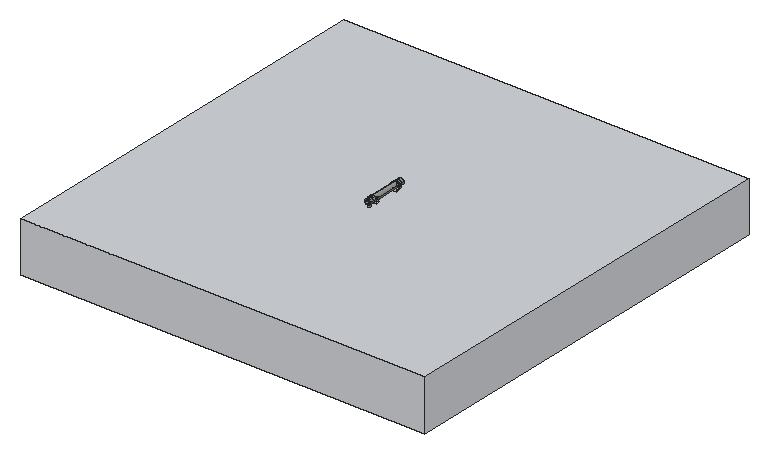
Revit family "L-line A_body", category Обобщенные модели, Revit 2017
Family settings
  Основа = Грань
  Может служить основой для арматурных стержней = Нет
  Размер круглого соединителя = Использовать диаметр
  Тип детали = Нормальный
  При загрузке вырезать с полостями = Нет
  Общий = Нет
  Точка расчета площади = Нет
Parameters
  Расстояние от светильника до плоскости = 55.991 mm
  Default Elevation = 1219.2 mm
  Начало выдавливания = Длина профиля / 2 * (-1)  # -125 mm
  Конец выдавливания = Длина профиля / 2  # 125 mm
  Драйвер, начальная точка = Длина профиля / (-2) + 2.5 mm  # -122.5 mm
  Драйвер, конечная точка = Длина профиля / 2 - 2.5 mm  # 122.5 mm
  Длина профиля = 250 mm
Reference planes
  plane 1 "По центру (Вперед/Назад)": y = 0
  plane 2: z = 0
  plane 3 "По центру (Влево/Вправо)": x = 0
  plane 4 "Плоскость расположения светильника": z = 55.991
Forms (mm)
  Extrusion 1, solid
    sketch origin (0, 0, 0) x (1, 0, 0) y (0, 1, 0)
      loop
        line (-1219.2, 1219.2) -> (-1219.2, -1219.2) -> (1219.2, -1219.2) -> (1219.2, 1219.2) -> (-1219.2, 1219.2)
    from 0 to -304.8
  Extrusion 2, solid, material "Пластик ПК/АБС"
    sketch origin (-0.012, 0, 76.46) x (0, 0, 1) y (1, 0, 0)
      loop
        line (-36.714, 0) -> (-36.714, 14.224) -> (-38.272, 14.224) -> (-38.272, -14.176) -> (-36.714, -14.176) -> (-36.714, 0)
    from -122.5 <- "Драйвер, начальная точка" to 122.5 <- "Драйвер, конечная точка"
  Extrusion 3, solid, material "Поликарбонат, прозрачный"
    sketch origin (-0.012, 0.083, 76.46) x (-1, 0, 0) y (0, 0, -1)
      loop
        circle (0, 37.47) r 16
      loop
        circle (0, 37.47) r 15
    from -125 <- "Начало выдавливания" to 125 <- "Конец выдавливания"
  Extrusion 4, solid, material "Поликарбонат, прозрачный"
    sketch origin (-0.012, -124.917, 76.46) x (-1, 0, 0) y (0, 0, -1)
      loop
        circle (-0.024, 37.493) r 17.4
      loop
        circle (0, 37.482) r 16
    from -36 to -20.4
  Extrusion 5, solid, material "Поликарбонат, прозрачный"
    sketch origin (-0.012, 125.083, 76.46) x (1, 0, 0) y (0, 0, -1)
      loop
        circle (0.024, 37.493) r 17.4
      loop
        circle (0, 37.482) r 16
    from -36 to -20.4
  Extrusion 6, solid, material "Поликарбонат, прозрачный"
    sketch origin (-14.187, 0, 38.187) x (0, -1, 0) y (-1, 0, 0)
      loop
        circle (-115.7, -14.176) r 6.8
      loop
        circle (115.7, -14.176) r 6.8
    from 30 to 13
  Extrusion 7, solid
    sketch origin (-0.012, 125.083, 76.46) x (1, 0, 0) y (0, 0, -1)
      loop
        line (-17.974, 63.312) -> (-17.974, 60.166)
        arc (-17.974, 60.166) -> (-18.273, 59.445) -> (-18.993, 59.146) r 1.019
        line (-18.993, 59.146) -> (-19.884, 59.146)
        arc (-19.884, 59.146) -> (-20.613, 58.844) -> (-20.916, 58.115) r 1.032
        line (-20.916, 58.115) -> (-20.916, 55.182)
        arc (-20.916, 55.182) -> (-20.612, 54.45) -> (-19.88, 54.146) r 1.036
        line (-19.88, 54.146) -> (-18.974, 54.146)
        arc (-18.974, 54.146) -> (-18.267, 53.853) -> (-17.974, 53.146) r 1
        line (-17.974, 53.146) -> (-17.974, 46.975)
        arc (-17.974, 46.975) -> (-18.248, 46.14) -> (-18.963, 45.628) r 1.413
        arc (-18.963, 45.628) -> (-19.382, 45.209) -> (-18.963, 44.789) r 0.419
        arc (-18.963, 44.789) -> (-18.248, 44.278) -> (-17.974, 43.442) r 1.413
        line (-17.974, 43.442) -> (-17.925, 38.312)
        arc (-17.925, 38.312) -> (-17.113, 34.491) -> (-15.495, 30.935) r 18
        arc (-15.495, 30.935) -> (-15.394, 30.182) -> (-15.866, 29.586) r 0.971
        arc (-15.866, 29.586) -> (-16.042, 29.167) -> (-15.778, 28.797) r 0.466
        line (-15.778, 28.797) -> (-14.225, 30.147)
        arc (-14.225, 30.147) -> (-13.66, 45.802) -> (0, 53.47) r 16
        arc (0, 53.47) -> (13.66, 45.802) -> (14.225, 30.147) r 16
        line (14.225, 30.147) -> (15.778, 28.797)
        arc (15.778, 28.797) -> (16.042, 29.167) -> (15.866, 29.586) r 0.466
        arc (15.866, 29.586) -> (15.394, 30.182) -> (15.495, 30.935) r 0.971
        arc (15.495, 30.935) -> (17.113, 34.491) -> (17.974, 38.312) r 18
        line (17.974, 38.312) -> (17.974, 43.442)
        arc (17.974, 43.442) -> (18.248, 44.278) -> (18.963, 44.789) r 1.413
        arc (18.963, 44.789) -> (19.382, 45.209) -> (18.963, 45.628) r 0.419
        arc (18.963, 45.628) -> (18.248, 46.14) -> (17.974, 46.975) r 1.413
        line (17.974, 46.975) -> (17.974, 53.146)
        arc (17.974, 53.146) -> (18.267, 53.853) -> (18.974, 54.146) r 1
        line (18.974, 54.146) -> (19.867, 54.146)
        arc (19.867, 54.146) -> (20.599, 54.45) -> (20.903, 55.182) r 1.036
        line (20.903, 55.182) -> (20.903, 58.115)
        arc (20.903, 58.115) -> (20.601, 58.844) -> (19.871, 59.146) r 1.032
        line (19.871, 59.146) -> (18.993, 59.146)
        arc (18.993, 59.146) -> (18.273, 59.445) -> (17.974, 60.166) r 1.019
        line (17.974, 60.166) -> (17.974, 63.312) -> (0, 63.312) -> (-17.974, 63.312)
    from -43.6 to -55.6
  Extrusion 8, solid
    sketch origin (-0.012, -124.917, 76.46) x (-1, 0, 0) y (0, 0, -1)
      loop
        line (17.974, 63.312) -> (0, 63.312) -> (-17.974, 63.312) -> (-17.974, 60.166)
        arc (-17.974, 60.166) -> (-18.273, 59.445) -> (-18.993, 59.146) r 1.019
        line (-18.993, 59.146) -> (-19.871, 59.146)
        arc (-19.871, 59.146) -> (-20.601, 58.844) -> (-20.903, 58.115) r 1.032
        line (-20.903, 58.115) -> (-20.903, 55.182)
        arc (-20.903, 55.182) -> (-20.599, 54.45) -> (-19.867, 54.146) r 1.036
        line (-19.867, 54.146) -> (-18.974, 54.146)
        arc (-18.974, 54.146) -> (-18.267, 53.853) -> (-17.974, 53.146) r 1
        line (-17.974, 53.146) -> (-17.974, 46.975)
        arc (-17.974, 46.975) -> (-18.248, 46.14) -> (-18.963, 45.628) r 1.413
        arc (-18.963, 45.628) -> (-19.382, 45.209) -> (-18.963, 44.789) r 0.419
        arc (-18.963, 44.789) -> (-18.248, 44.278) -> (-17.974, 43.442) r 1.413
        line (-17.974, 43.442) -> (-17.974, 38.312)
        arc (-17.974, 38.312) -> (-17.113, 34.491) -> (-15.495, 30.935) r 18
        arc (-15.495, 30.935) -> (-15.394, 30.182) -> (-15.866, 29.586) r 0.971
        arc (-15.866, 29.586) -> (-16.042, 29.167) -> (-15.778, 28.797) r 0.466
        line (-15.778, 28.797) -> (-14.225, 30.147)
        arc (-14.225, 30.147) -> (-13.66, 45.802) -> (0, 53.47) r 16
        arc (0, 53.47) -> (13.66, 45.802) -> (14.225, 30.147) r 16
        line (14.225, 30.147) -> (15.778, 28.797)
        arc (15.778, 28.797) -> (16.042, 29.167) -> (15.866, 29.586) r 0.466
        arc (15.866, 29.586) -> (15.394, 30.182) -> (15.495, 30.935) r 0.971
        arc (15.495, 30.935) -> (17.113, 34.491) -> (17.925, 38.312) r 18
        line (17.925, 38.312) -> (17.974, 43.442)
        arc (17.974, 43.442) -> (18.248, 44.278) -> (18.963, 44.789) r 1.413
        arc (18.963, 44.789) -> (19.382, 45.209) -> (18.963, 45.628) r 0.419
        arc (18.963, 45.628) -> (18.248, 46.14) -> (17.974, 46.975) r 1.413
        line (17.974, 46.975) -> (17.974, 53.146)
        arc (17.974, 53.146) -> (18.267, 53.853) -> (18.974, 54.146) r 1
        line (18.974, 54.146) -> (19.88, 54.146)
        arc (19.88, 54.146) -> (20.612, 54.45) -> (20.916, 55.182) r 1.036
        line (20.916, 55.182) -> (20.916, 58.115)
        arc (20.916, 58.115) -> (20.613, 58.844) -> (19.884, 59.146) r 1.032
        line (19.884, 59.146) -> (18.993, 59.146)
        arc (18.993, 59.146) -> (18.273, 59.445) -> (17.974, 60.166) r 1.019
        line (17.974, 60.166) -> (17.974, 63.312)
    from -43.6 to -55.6
Cuts and joins
  joined: Extrusion 3, Extrusion 6
Dimensions and locks
  "Расстояние от светильника до плоскости": plane 4 "Плоскость расположения светильника" to Extrusion 1
  aligned and locked: plane 2 to Extrusion 1
  aligned and locked: level to Extrusion 1
Automatic sketch dimensions
  Extrusion 1 sketch curve to Extrusion 1 sketch curve = 2438.4 mm  (x2)
  Extrusion 3 sketch curve to plane 3 "По центру (Влево/Вправо)" = 0.012 mm
  Extrusion 3 sketch curve to plane 4 "Плоскость расположения светильника" = 17.002 mm
  Extrusion 3 sketch curve to Extrusion 3 sketch curve = 0 mm  (x2)
  Extrusion 2 sketch curve to plane 4 "Плоскость расположения светильника" = 17.804 mm
  Extrusion 2 sketch curve to Extrusion 2 sketch curve = 1.558 mm
  Extrusion 2 sketch curve to plane 3 "По центру (Влево/Вправо)" = 14.187 mm
  Extrusion 2 sketch curve to plane 3 "По центру (Влево/Вправо)" = 0.012 mm
  plane 3 "По центру (Влево/Вправо)" to Extrusion 2 sketch curve = 14.213 mm
  Extrusion 4 sketch curve to Extrusion 4 sketch curve = 0.024 mm
  Extrusion 4 sketch curve to Extrusion 4 sketch curve = 0.011 mm
  Extrusion 5 sketch curve to Extrusion 5 sketch curve = 0.024 mm
  Extrusion 5 sketch curve to Extrusion 5 sketch curve = 0.011 mm
  Extrusion 6 sketch curve to Extrusion 2 = 6.8 mm  (x2)
  Extrusion 2 to Extrusion 6 sketch curve = 14.176 mm  (x2)
  Extrusion 7 sketch curve to Extrusion 7 sketch curve = 0 mm  (x11)
  Extrusion 7 sketch curve to Extrusion 7 sketch curve = 0.016 mm
  Extrusion 7 sketch curve to Extrusion 7 sketch curve = 14.225 mm  (x2)
  Extrusion 7 sketch curve to Extrusion 7 sketch curve = 1.353 mm  (x2)
  Extrusion 7 sketch curve to Extrusion 7 sketch curve = 0.199 mm  (x2)
  Extrusion 7 sketch curve to Extrusion 7 sketch curve = 0.751 mm  (x2)
  Extrusion 7 sketch curve to Extrusion 7 sketch curve = 17.974 mm  (x2)
  Extrusion 7 sketch curve to Extrusion 7 sketch curve = 0.989 mm  (x2)
  Extrusion 7 sketch curve to Extrusion 7 sketch curve = 1 mm  (x2)
  Extrusion 7 sketch curve to Extrusion 7 sketch curve = 1.019 mm  (x2)
  Extrusion 7 sketch curve to Extrusion 7 sketch curve = 1.413 mm  (x2)
  Extrusion 7 sketch curve to Extrusion 7 sketch curve = 0.424 mm  (x2)
  Extrusion 7 sketch curve to Extrusion 7 sketch curve = 0.905 mm
  Extrusion 7 sketch curve to Extrusion 7 sketch curve = 0.89 mm
  Extrusion 7 sketch curve to Extrusion 7 sketch curve = 1.032 mm
  Extrusion 7 sketch curve to Extrusion 7 sketch curve = 0.033 mm
  Extrusion 7 sketch curve to Extrusion 7 sketch curve = 0.893 mm
  Extrusion 7 sketch curve to Extrusion 7 sketch curve = 0.878 mm
  Extrusion 7 sketch curve to Extrusion 7 sketch curve = 1.036 mm
  Extrusion 7 sketch curve to Extrusion 7 sketch curve = 0.928 mm  (x2)
  Extrusion 7 sketch curve to Extrusion 7 sketch curve = 0.422 mm  (x2)
  Extrusion 7 sketch curve to Extrusion 7 sketch curve = 1.22 mm  (x2)
  Extrusion 7 sketch curve to Extrusion 7 sketch curve = 2.652 mm
  Extrusion 7 sketch curve to Extrusion 7 sketch curve = 13.003 mm  (x2)
  Extrusion 7 sketch curve to Extrusion 7 sketch curve = 0.419 mm  (x2)
  Extrusion 7 sketch curve to Extrusion 7 sketch curve = 6.171 mm  (x2)
  Extrusion 7 sketch curve to Extrusion 7 sketch curve = 2.932 mm  (x2)
  Extrusion 7 sketch curve to Extrusion 7 sketch curve = 3.147 mm
  Extrusion 7 sketch curve to Extrusion 7 sketch curve = 0.835 mm  (x2)
  Extrusion 7 sketch curve to Extrusion 7 sketch curve = 0.049 mm  (x2)
  Extrusion 8 sketch curve to Extrusion 8 sketch curve = 0 mm  (x11)
  Extrusion 8 sketch curve to Extrusion 8 sketch curve = 0.016 mm
  Extrusion 8 sketch curve to Extrusion 8 sketch curve = 14.225 mm  (x2)
  Extrusion 8 sketch curve to Extrusion 8 sketch curve = 1.353 mm  (x2)
  Extrusion 8 sketch curve to Extrusion 8 sketch curve = 0.199 mm  (x2)
  Extrusion 8 sketch curve to Extrusion 8 sketch curve = 0.751 mm  (x2)
  Extrusion 8 sketch curve to Extrusion 8 sketch curve = 17.974 mm  (x2)
  Extrusion 8 sketch curve to Extrusion 8 sketch curve = 0.989 mm  (x2)
  Extrusion 8 sketch curve to Extrusion 8 sketch curve = 1 mm  (x2)
  Extrusion 8 sketch curve to Extrusion 8 sketch curve = 1.019 mm  (x2)
  Extrusion 8 sketch curve to Extrusion 8 sketch curve = 0.424 mm  (x2)
  Extrusion 8 sketch curve to Extrusion 8 sketch curve = 0.893 mm
  Extrusion 8 sketch curve to Extrusion 8 sketch curve = 0.878 mm
  Extrusion 8 sketch curve to Extrusion 8 sketch curve = 1.032 mm  (x2)
  Extrusion 8 sketch curve to Extrusion 8 sketch curve = 0.033 mm
  Extrusion 8 sketch curve to Extrusion 8 sketch curve = 1.413 mm  (x2)
  Extrusion 8 sketch curve to Extrusion 8 sketch curve = 0.905 mm
  Extrusion 8 sketch curve to Extrusion 8 sketch curve = 0.89 mm
  Extrusion 8 sketch curve to Extrusion 8 sketch curve = 0.928 mm  (x2)
  Extrusion 8 sketch curve to Extrusion 8 sketch curve = 0.422 mm  (x2)
  Extrusion 8 sketch curve to Extrusion 8 sketch curve = 1.22 mm  (x2)
  Extrusion 8 sketch curve to Extrusion 8 sketch curve = 2.652 mm
  Extrusion 8 sketch curve to Extrusion 8 sketch curve = 13.003 mm  (x2)
  Extrusion 8 sketch curve to Extrusion 8 sketch curve = 0.419 mm  (x2)
  Extrusion 8 sketch curve to Extrusion 8 sketch curve = 6.171 mm  (x2)
  Extrusion 8 sketch curve to Extrusion 8 sketch curve = 2.932 mm  (x2)
  Extrusion 8 sketch curve to Extrusion 8 sketch curve = 3.147 mm
  Extrusion 8 sketch curve to Extrusion 8 sketch curve = 0.835 mm  (x2)
  Extrusion 8 sketch curve to Extrusion 8 sketch curve = 0.049 mm  (x2)
  radius of Extrusion 3 sketch curve = 16 mm
  radius of Extrusion 3 sketch curve = 15 mm
  radius of Extrusion 4 sketch curve = 17.4 mm
  radius of Extrusion 4 sketch curve = 16 mm
  radius of Extrusion 5 sketch curve = 17.4 mm
  radius of Extrusion 5 sketch curve = 16 mm
  radius of Extrusion 6 sketch curve = 6.8 mm  (x2)
  radius of Extrusion 7 sketch curve to Extrusion 3 = 0 mm
  radius of Extrusion 8 sketch curve to Extrusion 3 = 0 mm
